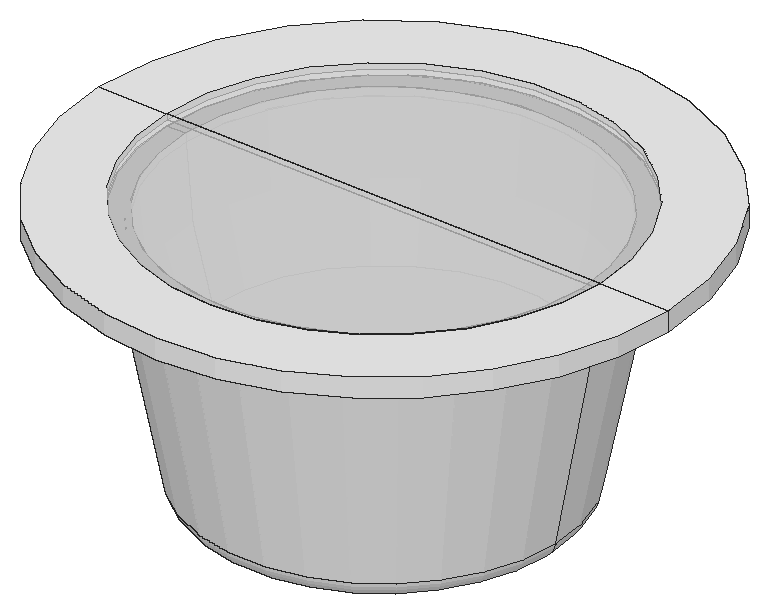
Revit family "2060565+2028036 Sylvania Lighting Fixture ASCENT 100 II ARCH 2700 4K STD 160 with IP44 Frost Glass", category Lighting Fixtures, host Face, Revit 2016
Family settings
  Host = Face
  Part Type = Normal
  Round Connector Dimension = Use Diameter
  OmniClass Number = 23.80.70.11.17
  OmniClass Title = Specialized Lighting by Location or Use
  Cut with Voids When Loaded = No
  Light Source = Yes
  Shared = No
  Room Calculation Point = No
Parameters (values of type "2060565+2028036 ASCT100 II ARCH 2700 4K STD 160 with IP44 Frost Glass")
  WidthBezelAcc_SYL = 25.0 mm
  Weight = "1.2 kg"
  Wattage = 21 W
  WarrantyStartDate [instance] = "n/a"
  WarrantyGuarantorParts = "n/a"
  WarrantyDurationUnit = "n/a"
  WarrantyDurationParts = "n/a"
  WarrantyDescription = "n/a"
  built-in parameter 1150110 = 1 (stored number, unit not read)
  Voltage = 0 V
  VisibilityAccessory_SYL = yes
  TypeName = "ASCENT 100 II ARCH 2700 4K STD 160 with IP44 Frost Glass"
  built-in parameter 1114217 = 1 (stored number, unit not read)
  Tilt Angle = -90°
  built-in parameter 1150109 = 1 (stored number, unit not read)
  built-in parameter 1150134 = 12
  built-in parameter 1150113 = 1 (stored number, unit not read)
  SerialNumber [instance] = "n/a"
  ReflectorRadius_SYL = Radius_SYL - 14.5 mm  # 80.0 mm
  RadiusAcc_SYL = 105.0 mm
  Radius_SYL = 94.5 mm
  URL = "http://www.sylvania-lighting.com"
  PowerFactor = 0
  PowerConsumption = "21 W"
  Photometric Web File = "2060565.ies"
  NominalWidth = 0.0 mm
  NominalLength = 0.0 mm
  NominalHeight = 94.0 mm
  Name = "ASCENT 100 II ARCH 2700 4K STD 160 with IP44 Frost Glass"
  ModelReference = "ASCENT 100 II ARCH 2700 4K STD 160 with IP44 Frost Glass"
  ModelNumber = "2060565+2028036"
  Material_4_SYL = none
  Material_3_SYL = Polycarbonate_Sylvania_Ascent_Opal
  Material_2_SYL = Aluminium_Sylvania_Ascent_Silver
  Material_1_SYL = Aluminum_Sylvania_Ascent_White
  Material = "aluminium housing, arcylic diffuser"
  ManufacturerName = "Feilo Sylvania"
  LuminousEfficacy = "132 lm/W"
  built-in parameter 1150105 = 220.59 (stored number, unit not read)
  Lumens = 2772 lm
  LuminaireType = ""
  built-in parameter 1150115 = 1 (stored number, unit not read)
  LightOutputRatio = "100"
  built-in parameter 1150137 = (empty or 0)
  built-in parameter 1150139 = (empty or 0)
  LampsType = Lamp  # "LED"
  LampNominalLuminous = "2767 lm"
  LampMacAdamStep = "3"
  LampColourTemperature = "4000 K"
  LampColourRenderingIndex = "80"
  built-in parameter 1150112 = 1 (stored number, unit not read)
  built-in parameter 1150114 = 1 (stored number, unit not read)
  Keynote = "16500"
  InstallationDate [instance] = "n/a"
  InputVoltage = "n/a"
  InputNominalFrequency = "n/a"
  built-in parameter 1150132 = (empty or 0)
  built-in parameter 1150102 = (empty or 0)
  built-in parameter 1150107 = 4000 (stored number, unit not read)
  built-in parameter 1150138 = (empty or 0)
  IngressProtection = "IP44"
  ImpactProtectionIndex = "IK02"
  built-in parameter 1150106 = 2.2059 (stored number, unit not read)
  IfcExportType = "IfcLightFixtureType"
  IfcExportAs = "IfcLightFixtureType"
  Height_SYL = 94.0 mm
  HeightAcc_SYL = 7.0 mm
  ExpectedLife = 50000
  EmittionSurface_SYL = if(VisibilityAccessory_SYL, 7.0 mm, 3.0 mm)  # 7.0 mm
  Emit from Circle Diameter = DiffuserRadius_SYL * 2  # 146.0 mm
  Emit Shape Visible in Rendering = no
  ElectricShockClassification = "Class II"
  built-in parameter 1150104 = 12.263 (stored number, unit not read)
  DurationUnit = "hours"
  DocumentationLiterature = "http://www.sylvania-lighting.com/product/en-int/products/2060565"
  DimmingControlOptions = "n/a"
  Dimming Lamp Color Temperature Shift = <None>
  DiffuserRadius_SYL = ReflectorRadius_SYL - 7.0 mm  # 73.0 mm
  Diameter_SYL = 2 * Radius_SYL  # 189.0 mm
  CutoutDiameter_SYL = Diameter_SYL - 13.0 mm  # 176.0 mm
  CreatedOn = "9/17/2018"
  CreatedBy = "@sylvania-lighting.com"
  Color Filter = 16777215
  built-in parameter 1114216 [instance] = 1 (stored number, unit not read)
  Model = "ASCENT 100 II ARCH 2700 4K STD 160 with IP44 Frost Glass"
  Manufacturer = "Feilo Sylvania"
  Lamp = "LED"
  Description = "Direct LED retro fit for original LED 100 Arch (160) single CFL lamp offering Matching lumen levels and improved light distribution of original LED 100 CFL lamp equivalents Typically half the power consumption compared to CFL Up to 112lm/W 160mm aperture Architectural reflector accepts range of glass accessories from existing LED 100 Arch 160 offering HE, HO and VHO versions equivalent of single 1 x 18W, 1 x 32W, 1 x 42W\r\n Additional VVHO versions which offer the performance circa 2 x 32W equivalent"  # constant formula
  Default Elevation = 0.0 mm
  built-in parameter 1140040 [instance] = 1
  BarCode [instance] = "n/a"
  built-in parameter 1114218 = 1 (stored number, unit not read)
  built-in parameter 1150133 = 10 (stored number, unit not read)
  AssetType = "Fixed"
  AssetIdentifier [instance] = "n/a"
  Assembly Code = "D5020200"
  Apparent Load = 21 VA
  Aperture_SYL = 2 * ReflectorRadius_SYL  # 160.0 mm
Reference planes
  plane 1 "Center (Front/Back)": y = 0
  plane 2: z = 0
  plane 3 "Center (Left/Right)": x = 0
  plane 4 "Fixture Bottom": z = 3
  plane 5: z = -52.5
  plane 6 "Fixture Top": z = -91
  plane 7: x = -105
  plane 8: z = 7
  plane 9: x = -80
  plane 10: z = 5
  plane 11: x = -103
Forms (mm)
  Extrusion 1, solid, material "Aluminum_Sylvania_Ascent_White", detail levels fine
    sketch origin (0, 0, 0) x (1, 0, 0) y (0, 1, 0)
      loop
        circle (0, 0) r 94.5
      loop
        circle (0, 0) r 80
    from 0 to 3
  Extrusion 2, void
    sketch origin (0, 0, 0) x (1, 0, 0) y (0, 1, 0)
      loop
        circle (0, 0) r 88
    from -91 to 3
  Revolve 3, solid, material "Aluminum_Sylvania_Ascent_White" <- "Material_1_SYL", detail levels fine
    sketch origin (0, 0, 0) x (1, 0, 0) y (0, 0, 1)
      loop
        line (0, -91.073) -> (0, -89.023) -> (-55.468, -89.014)
        arc (-55.468, -89.014) -> (-59.352, -87.613) -> (-61.54, -84.139) r 6.307
        line (-61.54, -84.139) -> (-77.991, -2.844) -> (-77.991, 0) -> (-80, 0) -> (-80, -3) -> (-63.5, -84.536)
        arc (-63.5, -84.536) -> (-60.643, -89.203) -> (-55.5, -91.073) r 8.291
        line (-55.5, -91.073) -> (0, -91.073)
      axis (0, 0) -> (0, -91.073)
    angle from 0 to 360
  Revolve 4, solid, material "Aluminium_Sylvania_Ascent_Silver" <- "Material_2_SYL", detail levels fine
    sketch origin (0, 0, 0) x (1, 0, 0) y (0, 0, 1)
      loop
        line (-80, 3) -> (-80, 0) -> (-75, 0)
        arc (-75, 0) -> (-72.349, -26.77) -> (-64.5, -52.5) r 136.5
        line (-64.5, -52.5) -> (-58, -52.5)
        arc (-58, -52.5) -> (-56.857, -61.521) -> (-53.5, -69.971) r 36.166
        line (-53.5, -69.971) -> (0, -69.971) -> (0, -50.5) -> (-63.16, -50.5)
        arc (-63.16, -50.5) -> (-70.517, -25.725) -> (-73, 0) r 134.5
        line (-73, 0) -> (-73, 3) -> (-80, 3)
      axis (0, 3) -> (0, -69.971)
    angle from 0 to 360
  Extrusion 5, solid, material "Polycarbonate_Sylvania_Ascent_Opal" <- "Material_3_SYL", detail levels fine
    sketch origin (0, 0, 0) x (1, 0, 0) y (0, 1, 0)
      loop
        circle (0, 0) r 73
    from 0 to 3
  Revolve 6, solid, material "Aluminum_Sylvania_Ascent_White" <- "Material_1_SYL", detail levels coarse+medium
    sketch origin (0, 0, 0) x (1, 0, 0) y (0, 0, 1)
      loop
        line (0, -91.073) -> (0, 3) -> (-94.5, 3) -> (-94.5, 0) -> (-79.5, 0) -> (-79.5, -3) -> (-63, -84.536)
        arc (-63, -84.536) -> (-60.143, -89.203) -> (-55, -91.073) r 8.291
        line (-55, -91.073) -> (0, -91.073)
      axis (0, 3) -> (0, -91.073)
    angle from 0 to 360
  Revolve 7, solid, material "Aluminum_Sylvania_Ascent_White" <- "Material_1_SYL", visible <- "VisibilityAccessory_SYL"
    sketch origin (0, 0, 0) x (1, 0, 0) y (0, 0, 1)
      loop
        line (-105, 0) -> (-103, 0) -> (-103, 5) -> (-80, 5) -> (-80, 7) -> (-105, 7) -> (-105, 0)
      axis (0, 7) -> (0, 0)
    angle from 0 to 360
  Revolve 8, solid, material "Polycarbonate_Sylvania_Ascent_Opal" <- "Material_3_SYL", visible <- "VisibilityAccessory_SYL"
    sketch origin (0, 0, 0) x (1, 0, 0) y (0, 0, 1)
      loop
        line (-80, 7) -> (-80, 5) -> (0, 5) -> (0, 7) -> (-80, 7)
      axis (0, 7) -> (0, 5)
    angle from 0 to 360
Lines and regions (mm)
  reference lines
    curve 1: line (-150, 0, 7) -> (125, 0, 7)
Dimensions and locks
  locked: plane 4 "Fixture Bottom" to plane 2 at 3
  "Height_SYL": plane 4 "Fixture Bottom" to plane 6 "Fixture Top"
  "ReflectorRadius_SYL": plane 3 "Center (Left/Right)" to Revolve 4 sketch curve
  locked: Revolve 4 sketch curve to Revolve 4 sketch curve at 15.5
  locked: Revolve 4 sketch curve to Revolve 4 sketch curve at 5
  locked: Revolve 4 sketch curve to Revolve 4 sketch curve at 7
  locked: Revolve 4 sketch curve to Revolve 4 sketch curve at 22
  locked: Revolve 4 sketch curve to Revolve 4 sketch curve at 26.5
  locked: Revolve 3 sketch curve to Revolve 3 sketch curve at 16.5
  locked: Revolve 3 sketch curve to Revolve 3 sketch curve at 24.5
  "ReflectorRadius_SYL": Revolve 3 sketch curve to plane 3 "Center (Left/Right)"
  locked: Revolve 3 sketch curve to plane 6 "Fixture Top" at 6.464
  locked: plane 2 to Revolve 3 sketch curve at 3
  locked: Revolve 3 sketch curve to Revolve 3 sketch curve at 2
  locked: Revolve 3 sketch curve to Revolve 3 sketch curve at 2.009
  locked: plane 2 to plane 5 at 52.5
  locked: Revolve 6 sketch curve to Revolve 6 sketch curve at 31.5
  locked: Revolve 6 sketch curve to Revolve 6 sketch curve at 39.5
  locked: Revolve 6 sketch curve to Revolve 6 sketch curve at 15
  "Radius_SYL": plane 3 "Center (Left/Right)" to Revolve 6 sketch curve
  "RadiusAcc_SYL": plane 3 "Center (Left/Right)" to plane 7
  "HeightAcc_SYL": plane 8 to level
  "WidthBezelAcc_SYL": plane 7 to plane 9
  locked: plane 7 to plane 11 at 2
  locked: plane 8 to plane 10 at 2
  "EmittionSurface_SYL": curve 1 to level
  "CutoutDiameter_SYL": diameter of Extrusion 2 sketch curve
  "ReflectorRadius_SYL": radius of Extrusion 1 sketch curve
  "DiffuserRadius_SYL": radius of Extrusion 5 sketch curve
  "Radius_SYL": radius of Extrusion 1 sketch curve
  aligned and locked: host face to plane 2
  aligned and locked: host face to level
  aligned and locked: plane 4 "Fixture Bottom" to Extrusion 1
  aligned and locked: Extrusion 1 to plane 2
  aligned and locked: Revolve 3 sketch curve to plane 3 "Center (Left/Right)"
  aligned and locked: Revolve 4 sketch curve to plane 3 "Center (Left/Right)"  (x2)
  aligned and locked: plane 4 "Fixture Bottom" to Revolve 4 sketch curve
  aligned and locked: Extrusion 5 to plane 2
  aligned and locked: plane 2 to Revolve 3 sketch curve  (x2)
  aligned and locked: Revolve 6 sketch curve to plane 3 "Center (Left/Right)"
  aligned and locked: plane 6 "Fixture Top" to Extrusion 2
  aligned and locked: Revolve 7 sketch curve to plane 3 "Center (Left/Right)"
  aligned and locked: host face to Revolve 7 sketch curve  (x2)
  aligned and locked: Revolve 7 sketch curve to plane 7
  aligned and locked: plane 8 to Revolve 7 sketch curve
  aligned and locked: plane 9 to Revolve 7 sketch curve
  aligned and locked: Revolve 7 sketch curve to plane 10
  aligned and locked: plane 11 to Revolve 7 sketch curve
  aligned and locked: Revolve 7 to Revolve 8 sketch curve
  aligned and locked: Revolve 8 sketch curve to Revolve 7  (x2)
  aligned and locked: Revolve 8 sketch curve to plane 3 "Center (Left/Right)"  (x2)
  aligned and locked: plane 3 "Center (Left/Right)" to imposter light
  aligned and locked: imposter light to plane 1 "Center (Front/Back)"
  aligned and locked: imposter light to curve 1
Automatic sketch dimensions
  plane 1 "Center (Front/Back)" to Extrusion 2 sketch curve = 0.0 mm
  Extrusion 2 sketch curve to plane 3 "Center (Left/Right)" = 0.0 mm
  Extrusion 1 sketch curve to Extrusion 1 sketch curve = 0.0 mm  (x2)
  plane 1 "Center (Front/Back)" to Extrusion 1 sketch curve = 0.0 mm
  Extrusion 1 sketch curve to plane 3 "Center (Left/Right)" = 0.0 mm
  plane 6 "Fixture Top" to Revolve 3 sketch curve = 0.073 mm
  Revolve 3 sketch curve to plane 6 "Fixture Top" = 6.861 mm
  Revolve 3 sketch curve to Revolve 3 sketch curve = 0.003 mm
  Revolve 3 sketch curve to Revolve 3 sketch curve = 0.009 mm  (x2)
  Revolve 3 sketch curve to Revolve 3 sketch curve = 0.023 mm
  Revolve 3 sketch curve to Revolve 3 sketch curve = 0.072 mm
  Revolve 3 sketch curve to Revolve 3 sketch curve = 0.008 mm
  Revolve 3 sketch curve to plane 6 "Fixture Top" = 1.977 mm
  Revolve 3 sketch curve to Revolve 3 sketch curve = 33.496 mm
  Revolve 3 sketch curve to Revolve 3 sketch curve = 0.028 mm
  plane 4 "Fixture Bottom" to Revolve 3 sketch curve = 82.431 mm
  Revolve 4 sketch curve to Revolve 4 sketch curve = 0.0 mm  (x2)
  Revolve 4 sketch curve to plane 5 = 0.0 mm
  Revolve 4 sketch curve to level = 0.0 mm
  plane 5 to Revolve 4 sketch curve = 2.0 mm
  plane 4 "Fixture Bottom" to Revolve 4 sketch curve = 9.642 mm
  plane 1 "Center (Front/Back)" to Extrusion 5 sketch curve = 0.0 mm
  Extrusion 5 sketch curve to plane 3 "Center (Left/Right)" = 0.0 mm
  Revolve 4 sketch curve to level = 69.971 mm
  Revolve 4 sketch curve to Revolve 4 sketch curve = 2.387 mm
  Revolve 6 sketch curve to level = 0.0 mm
  Revolve 6 sketch curve to plane 3 "Center (Left/Right)" = 0.0 mm
  Revolve 6 sketch curve to Revolve 6 sketch curve = 8.104 mm
  Revolve 6 sketch curve to level = 3.0 mm
  Revolve 6 sketch curve to plane 6 "Fixture Top" = 6.464 mm
  plane 6 "Fixture Top" to Revolve 6 sketch curve = 0.073 mm
  Revolve 6 sketch curve to Revolve 6 sketch curve = 33.496 mm
  plane 4 "Fixture Bottom" to Revolve 6 sketch curve = 82.431 mm
  host sketch curve to host sketch curve = 1704.996 mm
  host sketch curve to host sketch curve = 1500.0 mm
  plane 6 "Fixture Top" to Revolve 7 sketch curve = 281.274 mm
  Revolve 7 sketch curve to plane 8 = 1140.706 mm
  plane 6 "Fixture Top" to Revolve 8 sketch curve = 281.274 mm
  Revolve 8 sketch curve to Revolve 8 sketch curve = 1140.706 mm
  Revolve 3 sketch curve to plane 3 "Center (Left/Right)" = 0.0 mm
  Revolve 6 sketch curve to plane 4 "Fixture Bottom" = 0.0 mm
  plane 7 to curve 1 = 45.0 mm
  plane 3 "Center (Left/Right)" to curve 1 = 125.0 mm
Connectors
  electrical at (0, 0, -91.073), driven by "Apparent Load"
    settings: on Revolve 3, index 1, voltage 240 V, apparent load 0 VA, apparent load phase1 21 VA, apparent load phase2 0 VA, apparent load phase3 0 VA, power factor 1, load classification "Lighting", number of poles 1, system type 31, power factor state 1, is connector primary yes, connector utility no, sub classification motor no, connector description ""
